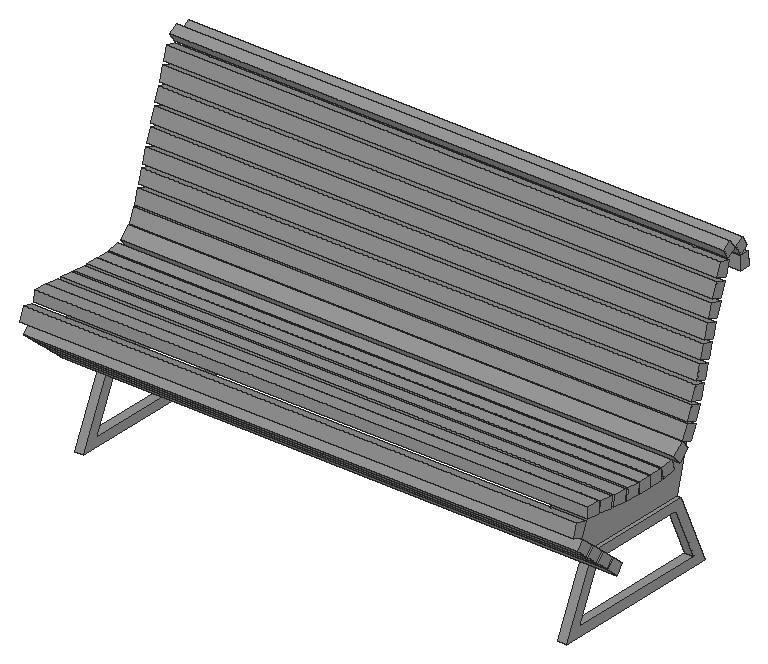
Revit family "Скамейка стальная «Аллегория» Арт 12300", category Антураж, Revit 2018
Family settings
  На основе рабочей плоскости = Нет
  Всегда вертикально = Да
  При загрузке вырезать с полостями = Нет
  Источник визуального образа = Геометрия семейства
  Общий = Нет
  Точка расчета площади = Нет
Parameters (values of type "Версия 1,8 м")
  ширина = 720 mm
  Цвет опор = Сталь
  Описание = if([Версия 0,6 м (кресло)], "Скамейка стальная «Аллегория». Версия 0,6 м Кресло", if([Версия 1,8 м], "Скамейка стальная «Аллегория». Версия 1,8 м", "Скамейка стальная «Аллегория». Версия 2,0 м"))  # "Скамейка стальная «Аллегория». Версия 1,8 м"
  Материал изделия = "Сталь, дерево"  # constant formula
  Изображение типоразмера = Скамейка стальная «Аллегория» Арт 12300.jpg
  Изготовитель = "ООО «Хоббика»"  # constant formula
  Длина = if([Версия 0,6 м (кресло)], 600 mm, if([Версия 1,8 м], 1800 mm, 2000 mm))  # 1800 mm
  Группа модели = "Скамейки"  # constant formula
  Высота = 980 mm
  Версия 2,0 м = not(or([Версия 0,6 м (кресло)], [Версия 1,8 м]))  # no
  Версия 1,8 м = yes
  Версия 0,6 м (кресло) = no
  Артикул товара = "Арт. 12300"  # constant formula
  URL = "https://hobbyka.ru/product/skameyka_allegoriya/"
Types (4, lengths in mm): name | Описание | Изображение типоразмера | Длина | Версия 2,0 м | Версия 1,8 м | Версия 0,6 м (кресло)
  (no name) | "Скамейка стальная «Аллегория». Версия 1,8 м" | Скамейка стальная «Аллегория» Арт 12300.jpg | 1800 | no | yes | no
  Версия 2,0 м | "Скамейка стальная «Аллегория». Версия 2,0 м" | Скамейка стальная «Аллегория» Арт 12300.jpg | 2000 | yes | no | no
  Версия 1,8 м | "Скамейка стальная «Аллегория». Версия 1,8 м" | Скамейка стальная «Аллегория» Арт 12300.jpg | 1800 | no | yes | no
  Версия 0,6 м кресло | "Скамейка стальная «Аллегория». Версия 0,6 м Кресло" | Скамейка стальная «Аллегория» Арт 12300 Версия 0,6 м Кресло.jpg | 600 | no | no | yes
Reference planes
  plane 1 "По центру (Вперед/Назад)": y = 0
  plane 2: z = 0
  plane 3 "По центру (Влево/Вправо)": x = 0
  plane 4: x = 1800
  plane 5: y = 720
  plane 6: x = 1700
  plane 7: x = 1670
  plane 8: x = 100
  plane 9: x = 130
  plane 10: z = 980
  plane 11: x = 112.5
  plane 12: x = 117.5
  plane 13: x = 1687.5
  plane 14: x = 1682.5
Forms (mm)
  Extrusion 1, solid, material "Сталь" <- "Цвет опор"
    sketch origin (0, 0, 0) x (0, 1, 0) y (0, 0, 1)
      loop
        line (568.798, 225) -> (210.602, 225) -> (105.683, 0) -> (665.683, 0) -> (568.798, 225)
      loop
        line (549.053, 195) -> (229.714, 195) -> (152.773, 30) -> (620.102, 30) -> (549.053, 195)
    from 100 to 130
  Extrusion 2, solid, material "Сталь" <- "Цвет опор"
    sketch origin (0, 0, 0) x (0, 1, 0) y (0, 0, 1)
      loop
        line (568.798, 225) -> (210.602, 225) -> (105.683, 0) -> (665.683, 0) -> (568.798, 225)
      loop
        line (549.053, 195) -> (229.714, 195) -> (152.773, 30) -> (620.102, 30) -> (549.053, 195)
    from 1670 to 1700
  Extrusion 3, solid, material "Сталь" <- "Цвет опор"
    sketch origin (0, 0, 0) x (0, 1, 0) y (0, 0, 1)
      loop
        arc (684.612, 921.517) -> (661.165, 944.963) -> (637.719, 921.517) r 23.446
        line (637.719, 921.517) -> (496.479, 486.528)
        arc (496.479, 486.528) -> (445.065, 424.159) -> (367.978, 399.853) r 142.296
        arc (367.978, 399.853) -> (220.388, 403.718) -> (73.696, 420.431) r 1692.373
        arc (73.696, 420.431) -> (40.529, 402.796) -> (48.339, 366.053) r 31.209
        line (48.339, 366.053) -> (210.602, 224.817) -> (568.82, 224.817)
        arc (568.82, 224.817) -> (659.832, 567.663) -> (684.612, 921.517) r 1874.081
    from 112.5 to 117.5
  Extrusion 4, solid, material "Сталь" <- "Цвет опор"
    sketch origin (0, 0, 0) x (0, 1, 0) y (0, 0, 1)
      loop
        arc (684.612, 921.517) -> (661.165, 944.963) -> (637.719, 921.517) r 23.446
        line (637.719, 921.517) -> (496.479, 486.528)
        arc (496.479, 486.528) -> (445.065, 424.159) -> (367.978, 399.853) r 142.296
        arc (367.978, 399.853) -> (220.388, 403.718) -> (73.696, 420.431) r 1692.373
        arc (73.696, 420.431) -> (40.529, 402.796) -> (48.339, 366.053) r 31.209
        line (48.339, 366.053) -> (210.602, 224.817) -> (568.82, 224.817)
        arc (568.82, 224.817) -> (659.832, 567.663) -> (684.612, 921.517) r 1874.081
    from 1682.5 to 1687.5
  Extrusion 5, solid, material "Дерево"
    sketch origin (0, 0, 0) x (0, 1, 0) y (0, 0, 1)
      loop
        line (204.603, 230.039) -> (170.66, 259.583) -> (147.681, 233.183) -> (181.624, 203.639) -> (204.603, 230.039)
      loop
        line (163.117, 266.149) -> (129.174, 295.693) -> (106.195, 269.293) -> (140.138, 239.749) -> (163.117, 266.149)
      loop
        line (121.631, 302.259) -> (87.688, 331.803) -> (64.709, 305.403) -> (98.652, 275.859) -> (121.631, 302.259)
      loop
        line (80.145, 338.369) -> (46.202, 367.913) -> (23.223, 341.513) -> (57.166, 311.968) -> (80.145, 338.369)
      loop
        line (41.517, 374.478) -> (54.874, 417.45) -> (21.451, 427.839) -> (8.094, 384.867) -> (41.517, 374.478)
      loop
        line (62.857, 420.241) -> (107.662, 416.064) -> (110.912, 450.913) -> (66.106, 455.09) -> (62.857, 420.241)
      loop
        line (162.108, 443.762) -> (117.545, 450.018) -> (112.679, 415.358) -> (157.243, 409.102) -> (162.108, 443.762)
      loop
        line (219.19, 438.889) -> (174.355, 442.735) -> (171.364, 407.863) -> (216.199, 404.017) -> (219.19, 438.889)
      loop
        line (637.719, 921.517) -> (604.43, 932.326) -> (590.532, 889.526) -> (623.822, 878.717) -> (637.719, 921.517)
      loop
        line (620.733, 869.206) -> (587.444, 880.015) -> (573.547, 837.214) -> (606.836, 826.405) -> (620.733, 869.206)
      loop
        line (603.748, 816.894) -> (570.459, 827.703) -> (556.562, 784.903) -> (589.851, 774.094) -> (603.748, 816.894)
      loop
        line (586.762, 764.583) -> (553.473, 775.392) -> (539.576, 732.591) -> (572.865, 721.782) -> (586.762, 764.583)
      loop
        line (569.777, 712.271) -> (536.488, 723.08) -> (522.591, 680.28) -> (555.88, 669.471) -> (569.777, 712.271)
      loop
        line (552.792, 659.96) -> (519.502, 670.768) -> (505.605, 627.968) -> (538.894, 617.159) -> (552.792, 659.96)
      loop
        line (535.806, 607.648) -> (502.517, 618.457) -> (488.62, 575.657) -> (521.909, 564.848) -> (535.806, 607.648)
      loop
        line (518.821, 555.337) -> (485.532, 566.145) -> (471.634, 523.345) -> (504.923, 512.536) -> (518.821, 555.337)
      loop
        line (501.835, 503.025) -> (470.013, 517.597) -> (451.278, 476.683) -> (483.1, 462.111) -> (501.835, 503.025)
      loop
        line (471.894, 448.961) -> (449.169, 475.58) -> (414.945, 446.362) -> (437.67, 419.743) -> (471.894, 448.961)
      loop
        line (412.166, 408.361) -> (405.549, 442.73) -> (366.27, 435.167) -> (372.888, 400.798) -> (412.166, 408.361)
      loop
        line (270.083, 434.614) -> (225.248, 438.46) -> (222.257, 403.588) -> (267.092, 399.742) -> (270.083, 434.614)
      loop
        line (317.213, 435.41) -> (277.213, 435.41) -> (277.213, 400.41) -> (317.213, 400.41) -> (317.213, 435.41)
      loop
        line (362.213, 435.41) -> (322.213, 435.41) -> (322.213, 400.41) -> (362.213, 400.41) -> (362.213, 435.41)
      loop
        line (684.794, 913.494) -> (684.794, 870.33) -> (716.861, 870.33) -> (716.861, 913.494) -> (684.794, 913.494)
      loop
        line (666.103, 947.261) -> (684.705, 917.613) -> (711.868, 934.656) -> (693.266, 964.304) -> (666.103, 947.261)
      loop
        line (616.442, 958.098) -> (635.044, 928.45) -> (662.207, 945.493) -> (643.605, 975.141) -> (616.442, 958.098)
    from 0 to 1800
Dimensions and locks
  "Длина": plane 3 "По центру (Влево/Вправо)" to plane 4
  plane 3 "По центру (Влево/Вправо)" to plane 8 to plane 9 = 100 mm locked, 30 mm locked
  plane 7 to plane 6 to plane 4 = 30 mm locked, 100 mm locked
  "ширина": plane 5 to plane 1 "По центру (Вперед/Назад)"
  "Высота": plane 10 to plane 2
  plane 8 to plane 11 to plane 12 = 12.5 mm locked, 5 mm locked
  plane 14 to plane 13 to plane 6 = 5 mm locked, 12.5 mm locked
  aligned and locked: level to plane 2
  aligned and locked: plane 9 to Extrusion 1
  aligned and locked: Extrusion 1 to plane 8
  aligned and locked: plane 6 to Extrusion 2
  aligned and locked: Extrusion 2 to plane 7
  aligned and locked: plane 11 to Extrusion 3
  aligned and locked: Extrusion 3 to plane 12
  aligned and locked: Extrusion 4 to plane 13
  aligned and locked: plane 14 to Extrusion 4
  aligned and locked: plane 4 to Extrusion 5
Automatic sketch dimensions
  Extrusion 1 sketch curve to level = 0 mm
  Extrusion 1 sketch curve to plane 1 "По центру (Вперед/Назад)" = 105.683 mm
  level to Extrusion 1 sketch curve = 30 mm
  Extrusion 1 sketch curve to Extrusion 1 sketch curve = 47.091 mm
  Extrusion 1 sketch curve to Extrusion 1 sketch curve = 57.829 mm
  Extrusion 1 sketch curve to Extrusion 1 sketch curve = 19.112 mm
  Extrusion 1 sketch curve to plane 5 = 170.947 mm
  Extrusion 1 sketch curve to Extrusion 1 sketch curve = 19.745 mm
  Extrusion 1 sketch curve to plane 5 = 99.898 mm
  Extrusion 1 sketch curve to plane 5 = 54.317 mm
  Extrusion 1 sketch curve to Extrusion 1 sketch curve = 165 mm
  Extrusion 1 sketch curve to Extrusion 1 sketch curve = 30 mm
  Extrusion 2 sketch curve to level = 0 mm
  Extrusion 2 sketch curve to plane 1 "По центру (Вперед/Назад)" = 105.683 mm
  level to Extrusion 2 sketch curve = 30 mm
  Extrusion 2 sketch curve to Extrusion 2 sketch curve = 47.091 mm
  Extrusion 2 sketch curve to Extrusion 2 sketch curve = 57.829 mm
  Extrusion 2 sketch curve to Extrusion 2 sketch curve = 19.112 mm
  Extrusion 2 sketch curve to plane 5 = 170.947 mm
  Extrusion 2 sketch curve to Extrusion 2 sketch curve = 19.745 mm
  Extrusion 2 sketch curve to plane 5 = 99.898 mm
  Extrusion 2 sketch curve to plane 5 = 54.317 mm
  Extrusion 2 sketch curve to Extrusion 2 sketch curve = 165 mm
  Extrusion 2 sketch curve to Extrusion 2 sketch curve = 30 mm
  Extrusion 3 sketch curve to plane 10 = 105.078 mm
  plane 1 "По центру (Вперед/Назад)" to Extrusion 3 sketch curve = 1188.89 mm
  Extrusion 3 sketch curve to plane 1 "По центру (Вперед/Назад)" = 48.339 mm
  Extrusion 3 sketch curve to Extrusion 3 sketch curve = 20.475 mm
  Extrusion 3 sketch curve to plane 1 "По центру (Вперед/Назад)" = 210.602 mm
  Extrusion 3 sketch curve to plane 1 "По центру (Вперед/Назад)" = 338.442 mm
  Extrusion 3 sketch curve to Extrusion 3 sketch curve = 296.68 mm
  Extrusion 3 sketch curve to Extrusion 3 sketch curve = 130.984 mm
  Extrusion 3 sketch curve to plane 5 = 151.18 mm
  Extrusion 3 sketch curve to plane 5 = 82.281 mm
  Extrusion 3 sketch curve to Extrusion 3 sketch curve = 23.446 mm
  Extrusion 3 sketch curve to plane 10 = 437.873 mm
  Extrusion 3 sketch curve to Extrusion 3 sketch curve = 55.6 mm
  Extrusion 3 sketch curve to Extrusion 3 sketch curve = 10.247 mm
  Extrusion 3 sketch curve to Extrusion 3 sketch curve = 23.554 mm
  Extrusion 3 sketch curve to Extrusion 3 sketch curve = 141.235 mm
  Extrusion 3 sketch curve to Extrusion 3 sketch curve = 434.989 mm
  Extrusion 3 sketch curve to Extrusion 3 sketch curve = 0 mm
  Extrusion 4 sketch curve to plane 10 = 105.078 mm
  plane 1 "По центру (Вперед/Назад)" to Extrusion 4 sketch curve = 1188.89 mm
  Extrusion 4 sketch curve to plane 1 "По центру (Вперед/Назад)" = 48.339 mm
  Extrusion 4 sketch curve to Extrusion 4 sketch curve = 20.475 mm
  Extrusion 4 sketch curve to plane 1 "По центру (Вперед/Назад)" = 210.602 mm
  Extrusion 4 sketch curve to plane 1 "По центру (Вперед/Назад)" = 338.442 mm
  Extrusion 4 sketch curve to Extrusion 4 sketch curve = 296.68 mm
  Extrusion 4 sketch curve to Extrusion 4 sketch curve = 130.984 mm
  Extrusion 4 sketch curve to plane 5 = 151.18 mm
  Extrusion 4 sketch curve to plane 5 = 82.281 mm
  Extrusion 4 sketch curve to Extrusion 4 sketch curve = 23.446 mm
  Extrusion 4 sketch curve to plane 10 = 437.873 mm
  Extrusion 4 sketch curve to Extrusion 4 sketch curve = 55.6 mm
  Extrusion 4 sketch curve to Extrusion 4 sketch curve = 10.247 mm
  Extrusion 4 sketch curve to Extrusion 4 sketch curve = 23.554 mm
  Extrusion 4 sketch curve to Extrusion 4 sketch curve = 141.235 mm
  Extrusion 4 sketch curve to Extrusion 4 sketch curve = 434.989 mm
  Extrusion 4 sketch curve to Extrusion 4 sketch curve = 0 mm
  Extrusion 5 sketch curve to plane 1 "По центру (Вперед/Назад)" = 8.094 mm
  Extrusion 5 sketch curve to plane 1 "По центру (Вперед/Назад)" = 21.451 mm
  Extrusion 5 sketch curve to plane 1 "По центру (Вперед/Назад)" = 23.223 mm
  Extrusion 5 sketch curve to Extrusion 5 sketch curve = 33.423 mm
  Extrusion 5 sketch curve to Extrusion 5 sketch curve = 4.685 mm
  Extrusion 5 sketch curve to Extrusion 5 sketch curve = 33.943 mm  (x4)
  Extrusion 5 sketch curve to Extrusion 5 sketch curve = 7.983 mm
  Extrusion 5 sketch curve to Extrusion 5 sketch curve = 7.543 mm  (x6)
  Extrusion 5 sketch curve to Extrusion 5 sketch curve = 3.249 mm
  Extrusion 5 sketch curve to Extrusion 5 sketch curve = 44.806 mm
  Extrusion 5 sketch curve to Extrusion 5 sketch curve = 5.017 mm
  Extrusion 5 sketch curve to Extrusion 5 sketch curve = 6.633 mm
  Extrusion 5 sketch curve to Extrusion 5 sketch curve = 44.563 mm
  Extrusion 5 sketch curve to Extrusion 5 sketch curve = 14.121 mm
  Extrusion 5 sketch curve to Extrusion 5 sketch curve = 12.247 mm
  Extrusion 5 sketch curve to Extrusion 5 sketch curve = 44.835 mm  (x2)
  Extrusion 5 sketch curve to Extrusion 5 sketch curve = 6.058 mm  (x2)
  Extrusion 5 sketch curve to Extrusion 5 sketch curve = 7.13 mm
  Extrusion 5 sketch curve to Extrusion 5 sketch curve = 40 mm  (x2)
  Extrusion 5 sketch curve to Extrusion 5 sketch curve = 5 mm
  Extrusion 5 sketch curve to Extrusion 5 sketch curve = 4.057 mm
  Extrusion 5 sketch curve to Extrusion 5 sketch curve = 10.675 mm
  Extrusion 5 sketch curve to Extrusion 5 sketch curve = 39.279 mm
  Extrusion 5 sketch curve to Extrusion 5 sketch curve = 9.396 mm
  Extrusion 5 sketch curve to Extrusion 5 sketch curve = 25.504 mm
  Extrusion 5 sketch curve to Extrusion 5 sketch curve = 34.225 mm
  Extrusion 5 sketch curve to Extrusion 5 sketch curve = 2.108 mm
  Extrusion 5 sketch curve to Extrusion 5 sketch curve = 18.735 mm
  Extrusion 5 sketch curve to Extrusion 5 sketch curve = 1.621 mm
  Extrusion 5 sketch curve to Extrusion 5 sketch curve = 11.206 mm
  Extrusion 5 sketch curve to Extrusion 5 sketch curve = 13.897 mm  (x8)
  Extrusion 5 sketch curve to Extrusion 5 sketch curve = 3.088 mm  (x15)
  Extrusion 5 sketch curve to plane 10 = 47.674 mm
  Extrusion 5 sketch curve to plane 10 = 21.902 mm
  Extrusion 5 sketch curve to Extrusion 5 sketch curve = 12.012 mm
  Extrusion 5 sketch curve to Extrusion 5 sketch curve = 2.675 mm
  Extrusion 5 sketch curve to plane 10 = 4.859 mm
  Extrusion 5 sketch curve to Extrusion 5 sketch curve = 27.163 mm
  Extrusion 5 sketch curve to Extrusion 5 sketch curve = 3.895 mm
  Extrusion 5 sketch curve to Extrusion 5 sketch curve = 18.602 mm
  Extrusion 5 sketch curve to Extrusion 5 sketch curve = 0.089 mm
  Extrusion 5 sketch curve to plane 5 = 26.734 mm
  Extrusion 5 sketch curve to plane 5 = 3.139 mm
  Extrusion 5 sketch curve to Extrusion 5 sketch curve = 6.933 mm
  Extrusion 5 sketch curve to Extrusion 5 sketch curve = 27.88 mm
  Extrusion 5 sketch curve to Extrusion 5 sketch curve = 4.119 mm
  Extrusion 5 sketch curve to Extrusion 5 sketch curve = 9.511 mm  (x15)
  Extrusion 5 sketch curve to Extrusion 5 sketch curve = 43.164 mm
  Extrusion 5 sketch curve to Extrusion 5 sketch curve = 5.748 mm
  Extrusion 5 sketch curve to Extrusion 5 sketch curve = 1.103 mm
  Extrusion 5 sketch curve to Extrusion 5 sketch curve = 20.49 mm
  Extrusion 5 sketch curve to Extrusion 5 sketch curve = 4.178 mm
  Extrusion 5 sketch curve to Extrusion 5 sketch curve = 0.895 mm
  Extrusion 5 sketch curve to Extrusion 5 sketch curve = 13.15 mm
  Extrusion 5 sketch curve to Extrusion 5 sketch curve = 6.255 mm
  Extrusion 5 sketch curve to Extrusion 5 sketch curve = 1.028 mm
  Extrusion 5 sketch curve to Extrusion 5 sketch curve = 3.632 mm
  Extrusion 5 sketch curve to Extrusion 5 sketch curve = 3.846 mm
  Extrusion 5 sketch curve to Extrusion 5 sketch curve = 0.429 mm
  Extrusion 5 sketch curve to Extrusion 5 sketch curve = 7.32 mm  (x2)
  Extrusion 5 sketch curve to Extrusion 5 sketch curve = 0.243 mm
  Extrusion 5 sketch curve to Extrusion 5 sketch curve = 0.796 mm
  Extrusion 5 sketch curve to Extrusion 5 sketch curve = 7.598 mm
  Extrusion 5 sketch curve to Extrusion 5 sketch curve = 2.791 mm
  Extrusion 5 sketch curve to Extrusion 5 sketch curve = 35 mm
  Extrusion 5 sketch curve to Extrusion 5 sketch curve = 0 mm
  Extrusion 5 sketch curve to Extrusion 5 sketch curve = 6.565 mm  (x7)
  Extrusion 5 sketch curve to Extrusion 5 sketch curve = 26.4 mm
  Extrusion 5 sketch curve to Extrusion 5 sketch curve = 21.163 mm
